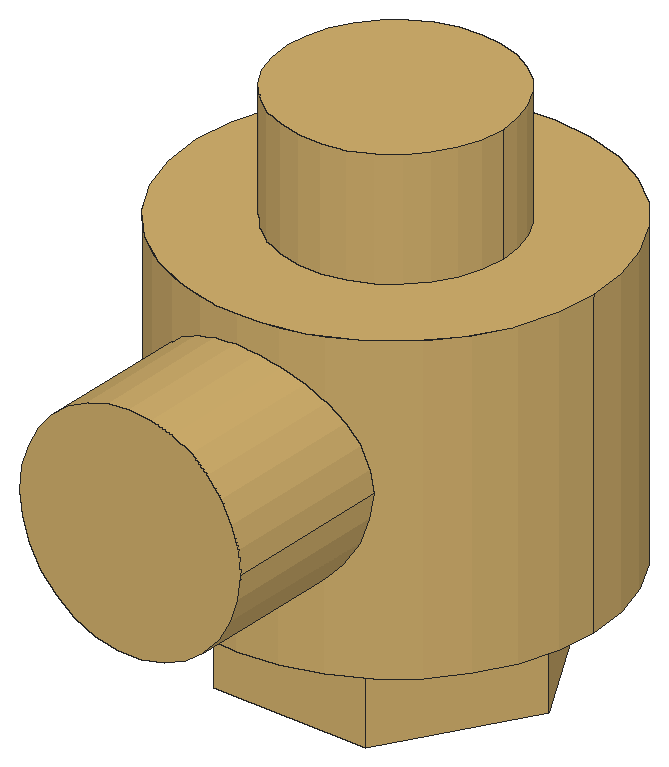
Revit family
Parameters (values of type "Viking - Anti Flood Device - B-1")
  Weight = 3.00 lbf
  Viking Part Number = "08061"
  URL = "http://www.vikinggroupinc.com/databook/drysystems/equipment/120292.pdf"
  Rev. Date = "05-10-10"
  Model = "B-1"
  Manufacturer = "The Viking Corporation"
  Description = "Anti-Flood Device"
  Assembly Code = ""
Reference planes (in)
  plane 1 "Center (Front/Back)": y = 0
  plane 2: z = 0
  plane 3 "Center (Left/Right)": x = 0
  plane 4: z = 0.5
  plane 5: z = 2.214
  plane 6: z = 2.872
  plane 7: z = 1.436
  plane 8: y = -1.88
Forms (in)
  Extrusion 1, solid, material "Brass"
    sketch origin (0, 0, 0) x (1, 0, 0) y (0, 1, 0)
      loop
        circle (0, 0) r 1.125
    from 0.5 to 2.214
  Extrusion 2, solid, material "Brass"
    sketch origin (0, 0, 0) x (1, 0, 0) y (0, 1, 0)
      loop
        circle (0, 0) r 0.61
    from 2.214 to 2.872
  Extrusion 3, solid, material "Brass"
    sketch origin (0, 0, 0) x (1, 0, 0) y (0, 1, 0)
      loop
        line (-0.43301, 0.75) -> (-0.86603, 0) -> (-0.43301, -0.75) -> (0.43301, -0.75) -> (0.86603, 0) -> (0.43301, 0.75) -> (-0.43301, 0.75)
    from 0 to 0.5
  Extrusion 4, solid, material "Brass"
    sketch origin (0, 0, 0) x (1, 0, 0) y (0, 0, 1)
      loop
        circle (0, 1.436) r 0.625
    from 0 to 1.88
Cuts and joins
  joined: Extrusion 1, Extrusion 2, Extrusion 3, Extrusion 4
Dimensions and locks (in)
  locked: plane 4 to plane 2 at 0.5
  locked: plane 5 to plane 4 at 1.714
  locked: plane 6 to plane 5 at 0.658
  equal spacing: plane 6, plane 7, plane 2
  locked: plane 1 "Center (Front/Back)" to plane 8 at 1.88
  aligned and locked: Extrusion 1 to plane 4
  aligned and locked: plane 5 to Extrusion 1
  aligned and locked: plane 8 to Extrusion 4
  aligned and locked: plane 6 to Extrusion 2
  aligned and locked: Extrusion 3 to plane 2
  aligned and locked: Extrusion 3 to Extrusion 1
  aligned and locked: Extrusion 2 to Extrusion 1
Automatic sketch dimensions
  Extrusion 1 sketch curve to plane 1 "Center (Front/Back)" = 0.000"
  Extrusion 1 sketch curve to plane 3 "Center (Left/Right)" = 0.000"
  Extrusion 2 sketch curve to plane 1 "Center (Front/Back)" = 0.000"
  Extrusion 2 sketch curve to plane 3 "Center (Left/Right)" = 0.000"
  Extrusion 3 sketch curve to plane 1 "Center (Front/Back)" = 0.000"  (x2)
  Extrusion 3 sketch curve to plane 3 "Center (Left/Right)" = 0.86603"
  Extrusion 3 sketch curve to plane 3 "Center (Left/Right)" = 0.43301"  (x2)
  plane 3 "Center (Left/Right)" to Extrusion 3 sketch curve = 0.43301"  (x2)
  Extrusion 3 sketch curve to Extrusion 3 sketch curve = 0.43301"
  plane 1 "Center (Front/Back)" to Extrusion 3 sketch curve = 0.750"
  Extrusion 3 sketch curve to plane 1 "Center (Front/Back)" = 0.750"
  Extrusion 4 sketch curve to plane 3 "Center (Left/Right)" = 0.000"
  Extrusion 4 sketch curve to plane 7 = 0.000"
  radius of Extrusion 1 sketch curve = 1.125"
  radius of Extrusion 2 sketch curve = 0.610"
  radius of Extrusion 4 sketch curve = 0.625"
